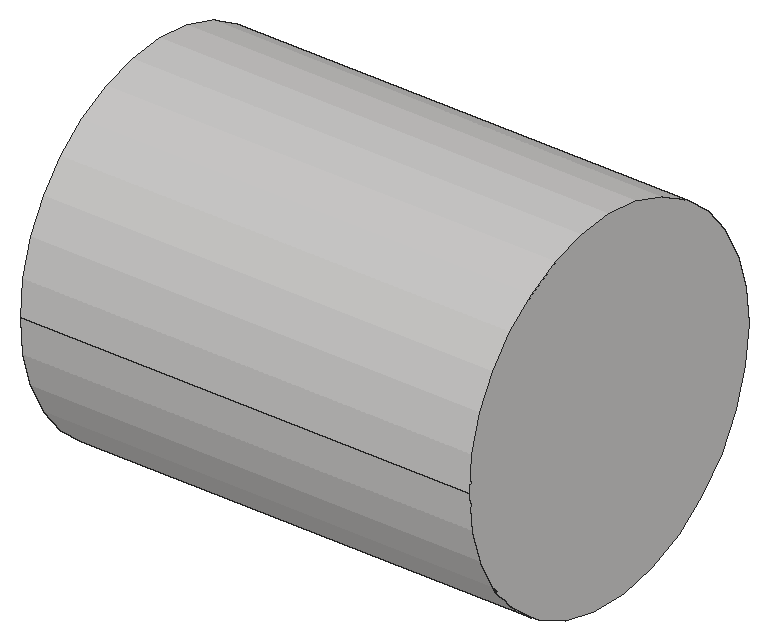
Revit family "Couplings-Regular-Champion_Couplings-No_Hub-MI-HUB_Series", category Pipe Fittings, Revit 2014
Parameters (values of type "MI-HUB-150")
  Waste Connection = no
  Warranty Information = "1 Year Warranty"  # constant formula
  Vent Connection = no
  URL = "http://www.mifab.com"
  Tick Size = Fitting Outside Diameter * 0.4  # 0.660"
  Standard Listings & Approval = "CSA Approved, U.P.C. Approved"  # constant formula
  Product Page URL = "http://www.mifab.com/Catalog/No_Hub_Couplings/MI-HUB_-_Regular_Shielded_No_Hub_Couplings/index.html"
  Product Documentation Link = "http://www.mifab.com/Catalog/Library/MI-HUB-spec_sheet.pdf"
  Price = "Prices may vary. Please consult Manufacturer Representative for most up-to-date price list."  # constant formula
  Pipe Size Description = "1-1/2\""
  Pipe Outlet Connection Diameter = 1.500"
  Pipe Inlet Connection Diameter = 1.50857"
  Pallet Quantity = "7200"
  Number of Clamps Per Coupling = "2"
  Nominal Diameter = Pipe Inlet Connection Diameter * 0.875  # 1.320"
  Model = "MI-HUB"
  Material = "Metal-Champion Couplings-Stainless Steel"  # constant formula
  Masking Reg 2 = no
  Masking Reg 1 = yes
  Manufacturer = "Champion Couplings"  # constant formula
  List Price (Each Piece) = 15.9
  Installation Torque (IN. - LBS) = "60"
  Nominal Height = Height  # 2.125"
  Height = 2.125"
  HW Connection = no
  Fitting Outside Diameter = 1.650"
  Description = "MIFAB® Series MI-HUB (specify size) no hub couplings are manufactured with gaskets made from an elastomeric compound that meets the requirements of ASTM C-564 housed inside a Type 301 stainless steel corrugated shield. Two (2” through 4” size), four (6” through 10” size) or six (12” and 15” sizes) Type 301 stainless steel clamps tightened with 5/16” Type 305 stainless steel hex head screws surround the shield to provide the sealing force. MI-HUB Series Couplings are tested and certified to the ASTM-C1277-2009a, CISPI 310-2010, and CSA B602-2010 (File # 247608) Standards and are listed with IAPMO. Also tested and certified by Intertek Testing Services to CAN/ULC S102.2-07 “Smoke Test.”"  # constant formula
  Creation Date = "\"2/17/2016\""
  Carton Quantity = "100"
  CW Connection = yes
  Assembly Code = "D2090800"
Types (15): name | Tick Size | Pipe Size Description | Pipe Outlet Connection Diameter | Pipe Inlet Connection Diameter | Pallet Quantity | Number of Clamps Per Coupling | Nominal Diameter | List Price (Each Piece) | Nominal Height | Height | Fitting Outside Diameter | Carton Quantity
  (no name) | 0.660" | "1-1/2\"" | 1.500" | 1.50857" | "7200" | "2" | 1.320" | 15.9 | 2.125" | 2.125" | 1.650" | "100"
  MI-HUB-150 | 0.660" | "1-1/2\"" | 1.500" | 1.50857" | "7200" | "2" | 1.320" | 15.9 | 2.125" | 2.125" | 1.650" | "100"
  MI-HUB-2 | 0.880" | "2\"" | 2.000" | 2.000" | "6300" | "2" | 1.750" | 15.9 | 2.125" | 2.125" | 2.200" | "100"
  MI-HUB-2150 | 0.880" | "2\" x 1-1/2\"" | 1.500" | 2.000" | "6300" | "2" | 1.750" | 18.55 | 2.125" | 2.125" | 2.200" | "100"
  MI-HUB-3 | 1.320" | "3\"" | 3.000" | 3.000" | "3200" | "2" | 2.625" | 19 | 2.125" | 2.125" | 3.300" | "100"
  MI-HUB-32 | 1.320" | "3\" x 2\"" | 2.000" | 3.000" | "2400" | "2" | 2.625" | 28.85 | 2.125" | 2.125" | 3.300" | "100"
  MI-HUB-4 | 1.760" | "4\"" | 4.000" | 4.000" | "2400" | "2" | 3.500" | 22.45 | 2.125" | 2.125" | 4.400" | "100"
  MI-HUB-42 | 1.760" | "4\" x 2\"" | 2.000" | 4.000" | "1536" | "2" | 3.500" | 40.9 | 2.125" | 2.125" | 4.400" | "64"
  MI-HUB-43 | 1.760" | "4\" x 3\"" | 3.000" | 4.000" | "1536" | "2" | 3.500" | 34.25 | 2.125" | 2.125" | 4.400" | "64"
  MI-HUB-5 | 2.200" | "5\"" | 5.000" | 5.000" | "960" | "4" | 4.375" | 54.6 | 3.000" | 3.000" | 5.500" | "20"
  MI-HUB-6 | 2.640" | "6\"" | 6.000" | 6.000" | "875" | "4" | 5.250" | 56.9 | 3.000" | 3.000" | 6.600" | "25"
  MI-HUB-8 | 3.520" | "8\"" | 8.000" | 8.000" | "360" | "4" | 7.000" | 107.4 | 4.000" | 4.000" | 8.800" | "15"
  MI-HUB-10 | 4.400" | "10\"" | 10.000" | 10.000" | "288" | "4" | 8.750" | 141.8 | 4.000" | 4.000" | 11.000" | "12"
  MI-HUB-12 | 5.280" | "12\"" | 12.000" | 12.000" | "96" | "6" | 10.500" | 154.5 | 5.430" | 5.430" | 13.200" | "8"
  MI-HUB-15 | 6.600" | "15\"" | 15.000" | 15.000" | "48" | "6" | 13.125" | 216.15 | 5.430" | 5.430" | 16.500" | "4"
Reference planes (in)
  plane 1 "Center (Front/Back)": y = 0
  plane 2: z = 0
  plane 3 "Center (Left/Right)": x = 0
  plane 4: x = -1.0625
  plane 5: x = 1.0625
  plane 6: x = 1.0625
  plane 7: y = 0.825
  plane 8: y = -0.825
  plane 9: y = 0.66
  plane 10: y = -0.66
  plane 11: y = 0.825
  plane 12: y = -0.825
  plane 13: y = -0.66
  plane 14: y = 0.66
Forms (in)
  Extrusion 1, solid, material "Metal-Champion Couplings-Stainless Steel"
    sketch origin (0, 0, 0) x (0, 1, 0) y (0, 0, 1)
      loop
        circle (0, 0) r 0.825
    from -1.0625 to 1.0625
  Revolve 2, solid, material "Metal-Champion Couplings-Stainless Steel"
    sketch origin (0, 0, 0) x (1, 0, 0) y (0, 1, 0)
      loop
        line (0, 0.825) -> (0, 0) -> (1.0625, 0) -> (1.0625, 0.66) -> (0.165, 0.66) -> (0, 0.825)
      axis (0, 0) -> (1.0625, 0)
    angle from 0 to 360
Cuts and joins
  joined: Extrusion 1, Revolve 2
Lines and regions (in)
  Masking region 1, visible <- "Masking Reg 1", detail levels fine
    outline origin (0, 0, 0) x (1, 0, 0) y (0, 1, 0)
      loop
        line (-1.0625, 0.825) -> (-1.0625, -0.825) -> (1.0625, -0.825) -> (1.0625, 0.825) -> (-1.0625, 0.825)
  Masking region 2, visible <- "Masking Reg 2", detail levels fine
    outline origin (0, 0, 0) x (1, 0, 0) y (0, 1, 0)
      loop
        line (-1.0625, 0.825) -> (-1.0625, -0.825) -> (0, -0.825) -> (0.165, -0.66) -> (1.0625, -0.66) -> (1.0625, 0.66) -> (0.165, 0.66) -> (0, 0.825) -> (-1.0625, 0.825)
  model lines, detail levels coarse+medium
    curve 1: line (-1.0625, 0.66, 0) -> (-1.0625, -0.66, 0)
    curve 2: line (1.0625, 0.66, 0) -> (1.0625, -0.66, 0)
    curve 3: line (1.0625, 0, 0) -> (-1.0625, 0, 0)
Dimensions and locks (in)
  "Height": plane 4 to plane 5
  equal spacing: plane 4, plane 3 "Center (Left/Right)", plane 5
  "Fitting Outside Diameter": Masking region 1 sketch curve to Masking region 1 sketch curve
  equal spacing: Masking region 1 sketch curve, plane 1 "Center (Front/Back)", Masking region 1 sketch curve
  "Tick Size": plane 1 "Center (Front/Back)" to curve 1
  "Tick Size": curve 1 to plane 1 "Center (Front/Back)"
  "Tick Size": plane 1 "Center (Front/Back)" to curve 2
  "Tick Size": curve 2 to plane 1 "Center (Front/Back)"
  "Nominal Height": plane 4 to plane 6
  "Fitting Outside Diameter": plane 8 to plane 7
  equal spacing: plane 8, plane 1 "Center (Front/Back)", plane 7
  "Nominal Diameter": plane 9 to plane 10
  equal spacing: plane 9, plane 1 "Center (Front/Back)", plane 10
  "Fitting Outside Diameter": plane 12 to plane 11
  equal spacing: plane 12, plane 1 "Center (Front/Back)", plane 11
  "Nominal Diameter": plane 14 to plane 13
  equal spacing: plane 14, plane 1 "Center (Front/Back)", plane 13
  "Fitting Outside Diameter": diameter of Extrusion 1 sketch curve
  locked: plane 6 to Revolve 2 sketch curve (angle 45.00°)
  locked: plane 3 "Center (Left/Right)" to Masking region 2 sketch curve (angle 45.00°)
  locked: Masking region 2 sketch curve to plane 3 "Center (Left/Right)" (angle 45.00°)
  aligned and locked: Extrusion 1 to plane 4
  aligned and locked: Masking region 1 sketch curve to Extrusion 1
  aligned and locked: curve 3 to plane 1 "Center (Front/Back)"
  aligned and locked: curve 1 to plane 4
  aligned and locked: plane 5 to curve 2
  aligned and locked: plane 5 to Masking region 1 sketch curve
  aligned and locked: plane 6 to Extrusion 1
  aligned and locked: plane 3 "Center (Left/Right)" to Revolve 2 sketch curve
  aligned and locked: plane 7 to Revolve 2 sketch curve
  aligned and locked: plane 5 to Revolve 2 sketch curve
  aligned and locked: curve 1 to Revolve 2 sketch curve
  aligned and locked: Revolve 2 sketch curve to plane 1 "Center (Front/Back)"
  aligned and locked: Masking region 2 sketch curve to plane 4
  aligned and locked: Masking region 2 sketch curve to plane 5
  aligned and locked: curve 1 to Masking region 2 sketch curve  (x2)
  aligned and locked: plane 3 "Center (Left/Right)" to Masking region 2 sketch curve
Automatic sketch dimensions
  Extrusion 1 sketch curve to level = 0.000"
  Extrusion 1 sketch curve to plane 1 "Center (Front/Back)" = 0.000"
  plane 1 "Center (Front/Back)" to Revolve 2 sketch curve = 0.000"
  Revolve 2 sketch curve to plane 4 = 0.250"
  Revolve 2 sketch curve to Revolve 2 sketch curve = 0.750"
  Masking region 2 sketch curve to plane 3 "Center (Left/Right)" = 0.000"
  Masking region 2 sketch curve to plane 12 = 0.000"
  plane 11 to Masking region 2 sketch curve = 0.000"
Connectors (in)
  piping at (-1.0625, 0, 0), diameter 1.50857, driven by "Pipe Inlet Connection Diameter"
    settings: on Extrusion 1, index 1, connector inside diameter 24", connector length 0.000", flow factor 0, pipe flow 0 GPM, pressure drop 0.00 psi, fitting loss kfactor 0, connector angle 0.00°, fixture units 0, engagement length 0.000", angle of deflection 0.00°, flow configuration 0, flow direction 0, fitting loss method 0, system type 28, joint type 0, gender type 0, connector reference index -1, connector utility 0, adjustable connector no, is connector primary yes, connector description ""
  piping at (1.0625, 0, 0), diameter 1.5, driven by "Pipe Outlet Connection Diameter"
    settings: on Revolve 2, index 2, connector inside diameter 24", connector length 0.000", flow factor 0, pipe flow 0 GPM, pressure drop 0.00 psi, fitting loss kfactor 0, connector angle 0.00°, fixture units 0, engagement length 0.000", angle of deflection 0.00°, flow configuration 0, flow direction 0, fitting loss method 0, system type 28, joint type 0, gender type 0, connector reference index -1, connector utility 0, adjustable connector no, is connector primary no, connector description ""
